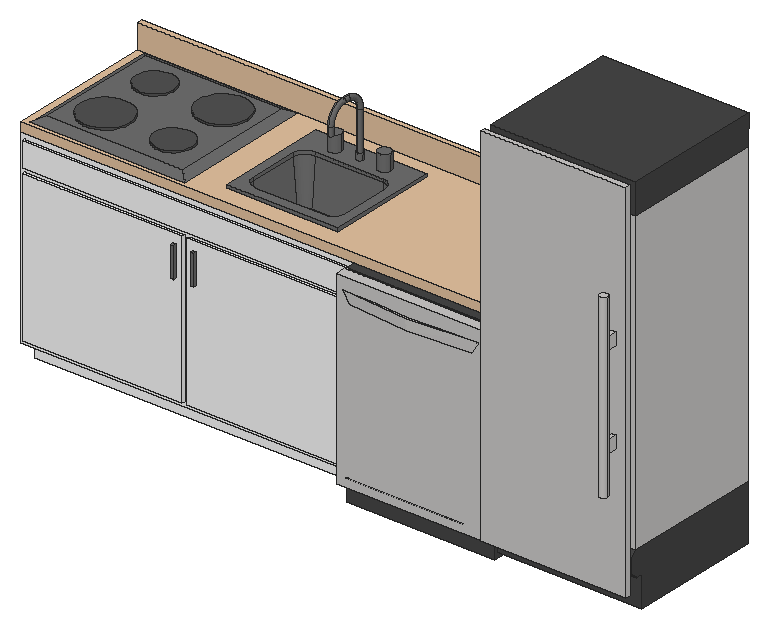
Revit family "Kitchenette - Medium", category Specialty Equipment, Revit 2023 (continued)
Definition of nested family "Cook Top-4 Unit2"
  Lines and regions (in)
    symbolic lines
      curve 31: arc (-1.5, -5, 0) -> (-5.5, -1, 0) -> (-9.5, -5, 0) r 4
      curve 32: arc (-9.5, -5, 0) -> (-5.5, -9, 0) -> (-1.5, -5, 0) r 4
  Dimensions and locks (in)
    "Width": plane 4 to plane 5
    equal spacing: plane 7, plane 1 "Center (Front/Back)", plane 6
    equal spacing: plane 4, plane 3 "Center (Left/Right)", plane 5
    "Depth": plane 7 to plane 6
    plane 7 to Blend 1 sketch curve = 0' - 1 1/2"
    plane 8 to plane 6 = 0' - 5"
    plane 7 to plane 9 = 0' - 5"
    equal spacing: plane 4, plane 10, plane 3 "Center (Left/Right)"
    equal spacing: plane 3 "Center (Left/Right)", plane 11, plane 5
    aligned and locked: Extrusion 2 sketch curve to curve 20
    aligned and locked: curve 31 to Extrusion 3
    aligned: curve 14 to plane 9
  Automatic sketch dimensions
    plane 4 to Blend 1 sketch curve = 0' - 1 1/2"
    Blend 1 sketch curve to plane 5 = 0' - 1 1/2"
    Blend 1 sketch curve to plane 6 = 0' - 1 1/2"
    Blend 1 sketch curve to plane 4 = 0' - 0"
    Blend 1 sketch curve to plane 5 = 0' - 0"
    Blend 1 sketch curve to plane 7 = 0' - 0"
    Blend 1 sketch curve to plane 6 = 0' - 0"
    Extrusion 2 sketch curve to plane 9 = 0' - 0"
    Extrusion 2 sketch curve to plane 11 = 0' - 0"
    Extrusion 2 sketch curve to plane 8 = 0' - 0"
    Extrusion 2 sketch curve to plane 10 = 0' - 0"
    Extrusion 2 sketch curve to Extrusion 2 sketch curve = 0' - 3"
    Extrusion 2 sketch curve to Extrusion 2 sketch curve = 0' - 3.01523"
    Extrusion 3 sketch curve to plane 9 = 0' - 0"
    Extrusion 3 sketch curve to plane 10 = 0' - 0"
    Extrusion 3 sketch curve to Extrusion 3 sketch curve = 0' - 4"
    curve 12 to curve 13 = 0' - 0"  (x2)
    curve 18 to curve 19 = 0' - 0"  (x2)
    curve 20 to curve 21 = 0' - 0"  (x2)
    curve 6 to plane 4 = 0' - 0"
    curve 14 to plane 9 = 0' - 0"
    curve 10 to plane 8 = 0' - 0"
    curve 15 to plane 10 = 0' - 0"
    curve 22 to plane 10 = 0' - 0"
    curve 26 to plane 10 = 0' - 0"
    curve 11 to plane 10 = 0' - 0"
    curve 12 to plane 10 = 0' - 0"
    curve 25 to plane 9 = 0' - 0"
    curve 23 to plane 8 = 0' - 0"
    curve 24 to plane 9 = 0' - 0"
    curve 21 to plane 8 = 0' - 0"
    curve 20 to plane 11 = 0' - 0"
    curve 29 to plane 6 = 0' - 0"
    curve 29 to plane 11 = 0' - 0"
    curve 19 to plane 11 = 0' - 0"
    curve 28 to plane 1 "Center (Front/Back)" = 0' - 0"
    curve 28 to plane 11 = 0' - 0"
    curve 27 to plane 11 = 0' - 0"
    curve 30 to plane 8 = 0' - 0"
    curve 16 to plane 9 = 0' - 0"
    curve 8 to plane 5 = 0' - 0"
    curve 15 to plane 7 = 0' - 0"
    curve 19 to plane 9 = 0' - 0"
    plane 4 to curve 1 = 0' - 1 1/2"
    curve 14 to plane 4 = 0' - 0 1/2"
    curve 10 to plane 4 = 0' - 1 1/2"
    curve 10 to curve 12 = 0' - 0.98477"
    curve 13 to curve 12 = 0' - 0"
    curve 31 to curve 14 = 0' - 2"
    curve 13 to curve 10 = 0' - 1.01523"
    curve 9 to curve 13 = 0' - 1.01523"
    curve 31 to curve 25 = 0' - 2"
    curve 12 to curve 9 = 0' - 0.98477"
    curve 23 to plane 3 "Center (Left/Right)" = 0' - 0 1/2"
    curve 25 to plane 3 "Center (Left/Right)" = 0' - 0 1/2"
    plane 3 "Center (Left/Right)" to curve 24 = 0' - 0 1/2"
    plane 3 "Center (Left/Right)" to curve 21 = 0' - 1 1/2"
    curve 20 to curve 23 = 0' - 1"
    plane 11 to curve 24 = 0' - 2"
    curve 30 to curve 20 = 0' - 2"
    curve 18 to curve 16 = 0' - 2"
    plane 5 to curve 16 = 0' - 1 1/2"
    plane 5 to curve 30 = 0' - 0 1/2"
    curve 3 to plane 5 = 0' - 1 1/2"
    plane 7 to curve 4 = 0' - 1 1/2"
    curve 17 to plane 7 = 0' - 1"
    curve 17 to curve 18 = 0' - 1"
    curve 19 to curve 17 = 0' - 1"
    plane 9 to curve 15 = 0' - 2"
    curve 32 to curve 26 = 0' - 2"
    curve 27 to curve 19 = 0' - 1"
    curve 18 to curve 27 = 0' - 1"
    curve 26 to plane 1 "Center (Front/Back)" = 0' - 0.00591"
    curve 26 to curve 22 = 0' - 0.99409"
    curve 22 to curve 12 = 0' - 2"
    plane 8 to curve 28 = 0' - 2"
    curve 11 to plane 8 = 0' - 2"
    curve 20 to curve 29 = 0' - 2"
    plane 6 to curve 11 = 0' - 1"
    curve 2 to plane 6 = 0' - 1 1/2"
